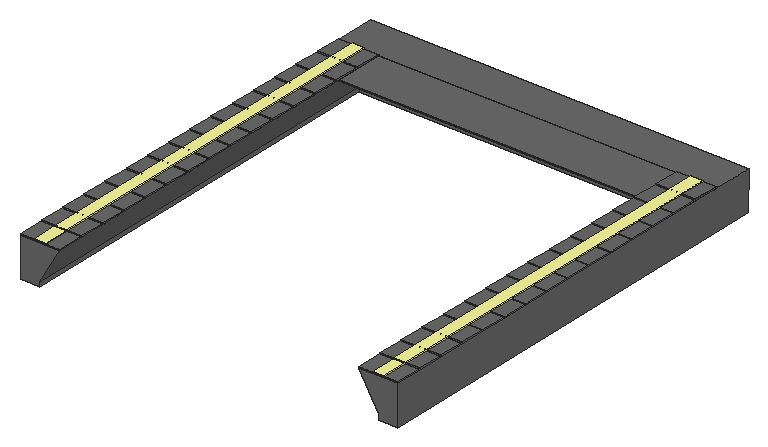
Revit family "Dock_Seal_Nova-Tech_FP", category Generic Models, Revit 2017
Family settings
  Can host rebar = No
  Round Connector Dimension = Use Diameter
  Part Type = Normal
  OmniClass Number = 23.50.70.11
  OmniClass Title = Dock Bumpers/Seals
  Work Plane-Based = Yes
  Always vertical = No
  Cut with Voids When Loaded = No
  Shared = No
  Room Calculation Point = No
Parameters
  projectionabs [instance] = abs(Projection_Top - Projection_Bottom) / 0' 1"  # 0
  faceangle [instance] = if(Projection_Top > Projection_Bottom, atan(projectionabs / ((Unit Height + Header Height) / 0' 1")), -atan(projectionabs / ((Unit Height + Header Height) / 0' 1")))  # 0.00°
  Warranty Duration (Years) = 0
  Unit Width [instance] = (Opening Width + (Panel Width_Front * 2))  # 9' - 6"
  Unit Height [instance] = 10' - 0"
  Unit Depth [instance] = if(Projection_Top > Projection_Bottom, Projection_Top, Projection_Bottom)  # 1' - 0"
  URL = "http://www.novalocks.com/"
  Test Data = ""
  Specification = "http://arcat.com/arcatcos/cos43/arc43493.html?isac=1&r=2"
  SpecWizard = ""
  Send Message = "http://www.arcat.com/users.pl?action=UserEmail&company=Nova+Technology&coid=43493&rep=132&fax=262-502-1511&mf="
  Sales Information = "http://www.novalocks.com/general-contact-info/"
  Revision = "R1_02-2013"
  Pull Rope System for Drop Curtain [instance] = yes
  Projection_Top [instance] = 1' - 0"
  Projection_Bottom [instance] = 1' - 0"
  Product Properties = ""
  Product Data = "http://arcat.com/arcatcos/cos43/arc43493.html?isac=1&r=2"
  Pleat Sizing [instance] = Pleats : 8in Spacing
  Panel Width_Front [instance] = 1' - 0"
  Panel Width_Back [instance] = 0' - 6"
  Overall Height [instance] = Unit Height + Header Height  # 11' - 0"
  Opening Width Minimum = 6' - 6"
  Opening Width Maximum = 8' - 6"
  Opening Width [instance] = 7' - 6"
  Opening Height Minimum = 3' - 0"
  Opening Height Maximum = 12' - 0"
  Opening Height [instance] = Unit Height  # 10' - 0"
  Model = "As Specified"
  Material = Polyethylene Sheeting - Black
  Manufacturer Website = "http://www.novalocks.com/"
  Manufacturer Phone - Toll Free = "800-236-7325"
  Manufacturer Phone = "262-502-1591"
  Manufacturer Fax = "262-502-1511"
  Manufacturer Address = "N90 W14507 Commerce Dr. Menomonee Falls, WI 53051"
  Manufacturer = "Nova Technology"
  Maintenance Schedule (Months) = 0
  Keynote = "11160"
  Installation-Fabrication = ""
  Installation Phase = ""
  Header Height [instance] = 1' - 0"
  Guide Color = Polyethylene Sheeting - Yellow
  Green Building-LEED = ""
  Full Length Guide Strip [instance] = yes
  Flame Retardant Foam and Fabric [instance] = yes
  Expected Lifespan (Years) = 0
  Drop Curtain [instance] = yes
  Drawn By = "Sumex Design, Inc. / Robert S. Weygant, CSI, CDT, SCIP"
  Description = "Nova Technology Dock Seal as Specified"
  Default Elevation = 4' - 0"
  Curtain Drop [instance] = 1' - 3"
  Copyright = "©Arcat Inc."
  Construction Details = ""
  Building Codes = ""
  Assembly Code = "E1030300"
  Armor Pleats = yes
Reference planes (in)
  plane 1 "Base": y = 0
  plane 2 "Host": z = 0
  plane 3 "Center (Left/Right)": x = 0
  plane 4 "OH": y = 120
  plane 5 "Left": x = -45
  plane 6 "Right": x = 45
  plane 7 "Front": z = 12
  plane 8: x = -57
  plane 9: x = 57
  plane 10: x = -45
  plane 11: x = 45
  plane 12: y = 124
  plane 13: y = 126
  plane 14: y = 132
  plane 15: y = 105
  plane 16: z = 12
  plane 17: z = 12
  plane 18: x = -51
  plane 19: x = 51
Forms (in)
  Extrusion 1, void
    sketch origin (0, 0, 0) x (1, 0, 0) y (0, 0, 1)
      loop
        line (-51, 0) -> (-45, 0) -> (-45, 12) -> (-51, 1.43111) -> (-51, 0)
      loop
        line (51, 0) -> (51, 1.43111) -> (45, 12) -> (45, 0) -> (51, 0)
    from -120 to 0
  Extrusion 2, solid, material "Polyethylene Sheeting - Black" <- "Material"
    sketch origin (0, 0, 0) x (0, 1, 0) y (0, 0, 1)
      loop
        line (0, 0) -> (132, 0) -> (132, 12) -> (0, 12) -> (0, 0)
    from -57 to 57
  Extrusion 3, void
    sketch origin (0, 0, 0) x (0, 1, 0) y (0, 0, 1)
      loop
        line (120, 0) -> (120, 12) -> (0, 12) -> (0, 0) -> (120, 0)
    from -45 to 45
  Extrusion 4, solid, material "Polyethylene Sheeting - Black" <- "Material", visible <- "Drop Curtain"
    sketch origin (0, 0, 0) x (0, 1, 0) y (0, 0, 1)
      loop
        line (120, 12) -> (105, 12) -> (105, 11.80684) -> (120, 11.80684) -> (120, 12)
    from -45 to 45
Cuts and joins
  Extrusion 1, Extrusion 3 cuts Extrusion 2
Lines and regions (in)
  reference lines
    curve 1: line (0, 0, 12) -> (0, 0, 15.5)
Dimensions and locks (in)
  equal spacing: plane 5 "Left", plane 3 "Center (Left/Right)", plane 6 "Right"
  equal spacing: plane 8, plane 3 "Center (Left/Right)", plane 9
  "Opening Width": plane 5 "Left" to plane 6 "Right"
  "Unit Width": plane 8 to plane 9
  "Unit Height": plane 1 "Base" to plane 4 "OH"
  "Unit Depth": plane 7 "Front" to level
  locked: plane 13 to plane 12 at 2
  "Panel Width_Front": plane 8 to plane 10
  "Panel Width_Front": plane 11 to plane 9
  "Header Height": plane 14 to plane 4 "OH"
  locked: plane 12 to plane 4 "OH" at 4
  "Curtain Drop": plane 4 "OH" to plane 15
  "Projection_Top": plane 16 to level
  "Projection_Bottom": plane 17 to level
  "Panel Width_Back": Extrusion 1 sketch curve to plane 8
  locked: Extrusion 1 sketch curve to level at 1.43111  (x2)
  "Panel Width_Back": plane 9 to Extrusion 1 sketch curve
  locked: cut or joined group of Extrusion 1, Extrusion 2, Extrusion 3 to Extrusion 4 sketch curve at 0.19316
  "Panel Width_Back": plane 8 to plane 18
  "Panel Width_Back": plane 19 to plane 9
  "faceangle": angle plane 4 "OH" to curve 1
  aligned and locked: plane 10 to Extrusion 1 sketch curve
  aligned and locked: plane 11 to Extrusion 1 sketch curve
  aligned and locked: plane 4 "OH" to Extrusion 1
  aligned and locked: plane 1 "Base" to Extrusion 1
  aligned and locked: plane 1 "Base" to Extrusion 2 sketch curve
  aligned and locked: Extrusion 2 sketch curve to level
  aligned and locked: plane 9 to Extrusion 2
  aligned and locked: plane 14 to Extrusion 2 sketch curve  (x2)
  aligned and locked: plane 16 to Extrusion 2 sketch curve
  aligned and locked: Extrusion 2 to plane 8
  aligned and locked: Extrusion 3 sketch curve to level
  aligned and locked: plane 4 "OH" to Extrusion 3 sketch curve
  aligned and locked: Extrusion 3 sketch curve to plane 7 "Front"
  aligned and locked: plane 1 "Base" to Extrusion 3 sketch curve
  aligned and locked: plane 11 to Extrusion 3
  aligned and locked: Extrusion 3 to plane 10
  aligned and locked: plane 9 to nested 2
  aligned and locked: plane 17 to Extrusion 2 sketch curve
  aligned and locked: plane 8 to nested 1
  aligned and locked: nested 1 to cut or joined group of Extrusion 1, Extrusion 2, Extrusion 3
  aligned and locked: plane 17 to curve 1
  aligned and locked: cut or joined group of Extrusion 1, Extrusion 2, Extrusion 3 to Extrusion 4 sketch curve
  aligned and locked: plane 4 "OH" to Extrusion 4 sketch curve
  aligned and locked: Extrusion 4 sketch curve to plane 15
  aligned and locked: plane 11 to Extrusion 4
  aligned and locked: Extrusion 4 to plane 10
  aligned and locked: plane 1 "Base" to curve 1
  aligned and locked: nested 2 to curve 1
  aligned and locked: nested 1 to curve 1
Automatic sketch dimensions
  Extrusion 1 sketch curve to level = 0' - 0"  (x2)
  Extrusion 1 sketch curve to plane 7 "Front" = 0' - 0"  (x2)
Nested families (in)
  nested 1: "Pleats" at (-57, 0, 12), visible <- "Armor Pleats", Width <- "Panel Width_Front", Unit Height <- "Unit Height", Full Length Guide Strip <- "Full Length Guide Strip", type <- "Pleat Sizing", type "8in Spacing"
    with Width 1' - 0", Unit Height 10' - 0", Remainder 0' - 0", Pleatscount 13.9, Pleats 14, Last Pleat 0' - 8", Guide Strip Length 10' - 0", Full Length Guide Strip yes, Pleat Spacing 0' - 8"
  nested 2: "Pleats" at (57, 0, 12) x (-1, 0, 0) z (0, 0, 1), visible <- "Armor Pleats", Width <- "Panel Width_Front", Unit Height <- "Unit Height", Full Length Guide Strip <- "Full Length Guide Strip", type <- "Pleat Sizing", type "8in Spacing"
    with Width 1' - 0", Unit Height 10' - 0", Remainder 0' - 0", Pleatscount 13.9, Pleats 14, Last Pleat 0' - 8", Guide Strip Length 10' - 0", Full Length Guide Strip yes, Pleat Spacing 0' - 8"
Definition of nested family "Pleats"
  Parameters
    Width [instance] = 1' - 0"
    Unit Height [instance] = 10' - 0"
    Pleatscount [instance] = (Unit Height / Pleat Spacing) - 1.1  # 6.4
    Pleats [instance] = Pleatscount  # 6
    Pleat Spacing = 1' - 4"
    Material = none
    Remainder [instance] = Unit Height - ((Pleats + 1) * (Pleat Spacing / 0' 1")) * 0' 1"  # 0' - 8"
    Last Pleat [instance] = if(Remainder = 0' 0", Pleat Spacing, Remainder)  # 0' - 8"
    Guide Strip Length [instance] = if(Full Length Guide Strip, Unit Height, 2' 0")  # 10' - 0"
    Guide Strip = none
    Full Length Guide Strip [instance] = yes
    Default Elevation = 4' - 0"
    Assembly Code = ""
    Armor Pleats = yes
  Reference planes (in)
    plane 1 "Center (Front/Back)": y = 0
    plane 2: z = 0
    plane 3 "Center (Left/Right)": x = 0
    plane 4: x = 12
    plane 5: y = 120
    plane 6: y = 16
  Forms (in)
    Extrusion 1, solid, material <- "Material", visible <- "Armor Pleats"
      sketch origin (0, 0, 0) x (0, 1, 0) y (0, 0, 1)
        loop
          line (0, 0) -> (16, 0) -> (16, 0.25) -> (0, 0.25) -> (0, 0)
      from 0 to 12
    Extrusion 2, solid, material <- "Material", visible <- "Armor Pleats"
      sketch origin (0, 0, 0) x (0, 1, 0) y (0, 0, 1)
        loop
          line (112, 0) -> (120, 0) -> (120, 0.25) -> (112, 0.5) -> (112, 0)
      from 0 to 12
    Extrusion 3, solid, material <- "Guide Strip"
      sketch origin (0, 0, 0) x (0, 1, 0) y (0, 0, 1)
        loop
          line (0, 0.25) -> (120, 0.25) -> (120, 0.56422) -> (15.875, 0.56422) -> (15.875, 0.375) -> (0, 0.375) -> (0, 0.25)
      from 4.25 to 7.75
  Lines and regions (in)
    model lines
      curve 1: line (0, 0, 0) -> (0, 0, 0.25)
      curve 2: line (0, 0, 0) -> (0, 9, 0)
  Dimensions and locks (in)
    "Width": plane 3 "Center (Left/Right)" to plane 4
    equal spacing: group 1, group 2, group 3, group 4, group 5, group 6  (x3)
    "Pleat Spacing": plane 1 "Center (Front/Back)" to Extrusion 1 sketch curve
    "Unit Height": plane 1 "Center (Front/Back)" to plane 5
    "Last Pleat": Extrusion 2 sketch curve to plane 5
    "Pleat Spacing": nested 1 to nested 2
    "Pleat Spacing": plane 1 "Center (Front/Back)" to nested 1
    "Pleat Spacing": plane 1 "Center (Front/Back)" to plane 6
    locked: Extrusion 3 sketch curve to plane 6 at 0.125
    Extrusion 3 to Extrusion 3 to plane 4 = 0' - 3 1/2" locked, 0' - 4 1/4" locked
    "Guide Strip Length": plane 1 "Center (Front/Back)" to Extrusion 3 sketch curve
    aligned and locked: plane 3 "Center (Left/Right)" to nested 1
    aligned and locked: plane 4 to nested 1
    aligned and locked: plane 3 "Center (Left/Right)" to nested 2
    aligned and locked: plane 4 to nested 2
    aligned and locked: Extrusion 1 to plane 4
    aligned and locked: plane 5 to Extrusion 2 sketch curve
    aligned and locked: plane 4 to Extrusion 2
    aligned and locked: Extrusion 2 to plane 3 "Center (Left/Right)"
  Automatic sketch dimensions
    curve 1 to plane 1 "Center (Front/Back)" = 0' - 0"
    curve 2 to level = 0' - 0"
    curve 1 to curve 2 = 0' - 9"
    curve 1 to curve 1 = 0' - 0 1/4"
    Extrusion 1 sketch curve to level = 0' - 0"
    level to Extrusion 1 sketch curve = 0' - 0 1/4"
    Extrusion 1 sketch curve to plane 1 "Center (Front/Back)" = 0' - 0"
    Extrusion 2 sketch curve to level = 0' - 0"
    level to Extrusion 2 sketch curve = 0' - 0 1/4"
    level to Extrusion 2 sketch curve = 0' - 0 1/2"
    Extrusion 3 sketch curve to plane 1 "Center (Front/Back)" = 0' - 0"
    level to Extrusion 3 sketch curve = 0' - 0.56422"
    Extrusion 3 sketch curve to Extrusion 3 sketch curve = 0' - 0.18922"
    Extrusion 3 sketch curve to Extrusion 3 sketch curve = 0' - 0 1/8"
  Nested families (in)
    nested 1: "Pleat" at (0, 16, 0), Width <- "Width", visible <- "Armor Pleats", Mat <- "Material", Pleat Spacing <- "Pleat Spacing", type "Pleat"
      with Width 1' - 0", Pleat Spacing 1' - 4", Mat none
    nested 2: "Pleat" at (0, 32, 0), Width <- "Width", visible <- "Armor Pleats", Mat <- "Material", Pleat Spacing <- "Pleat Spacing", type "Pleat"
      with Width 1' - 0", Pleat Spacing 1' - 4", Mat none
    nested 3: "Pleat" at (0, 48, 0), Width <- "Width", visible <- "Armor Pleats", Mat <- "Material", Pleat Spacing <- "Pleat Spacing", type "Pleat"
      with Width 1' - 0", Pleat Spacing 1' - 4", Mat none
    nested 4: "Pleat" at (0, 64, 0), Width <- "Width", visible <- "Armor Pleats", Mat <- "Material", Pleat Spacing <- "Pleat Spacing", type "Pleat"
      with Width 1' - 0", Pleat Spacing 1' - 4", Mat none
    nested 5: "Pleat" at (0, 80, 0), Width <- "Width", visible <- "Armor Pleats", Mat <- "Material", Pleat Spacing <- "Pleat Spacing", type "Pleat"
      with Width 1' - 0", Pleat Spacing 1' - 4", Mat none
    nested 6: "Pleat" at (0, 96, 0), Width <- "Width", visible <- "Armor Pleats", Mat <- "Material", Pleat Spacing <- "Pleat Spacing", type "Pleat"
      with Width 1' - 0", Pleat Spacing 1' - 4", Mat none
  Definition of nested family "Pleat"
    Parameters
      Width [instance] = 1' - 0"
      Pleat Spacing [instance] = 0' - 8"
      Mat [instance] = none
      Armor Pleats = yes
    Reference planes (in)
      plane 1 "Center (Front/Back)": y = 0
      plane 2: z = 0
      plane 3 "Center (Left/Right)": x = 0
      plane 4: x = 12
    Forms (in)
      Extrusion 1, solid, material <- "Mat"
        sketch origin (0, -9, 0) x (0, 1, 0) y (0, 0, 1)
          loop
            line (9, 0) -> (17, 0) -> (17, 0.21875) -> (9, 0.4375) -> (9, 0)
        from 0 to 12
    Dimensions and locks (in)
      "Width": plane 3 "Center (Left/Right)" to plane 4
      "Pleat Spacing": Extrusion 1 sketch curve to Extrusion 1 sketch curve
      aligned and locked: Extrusion 1 to plane 4
      aligned and locked: Extrusion 1 to plane 3 "Center (Left/Right)"
    Automatic sketch dimensions
      Extrusion 1 sketch curve to plane 1 "Center (Front/Back)" = 0' - 0"
      Extrusion 1 sketch curve to level = 0' - 0"
      Extrusion 1 sketch curve to Extrusion 1 sketch curve = 0' - 0 7/16"
      level to Extrusion 1 sketch curve = 0' - 0 7/32"
